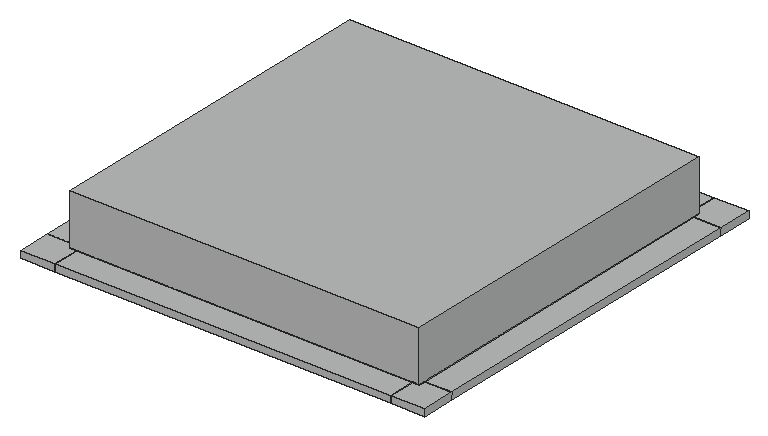
Revit family "ALUMOGIPS", category Осветительные приборы, Revit 2019 (continued)
Types (72, lengths in mm): name | Файл фотометрической сетки | built-in parameter 1150105 | Lumens | built-in parameter 1150106 | built-in parameter 1150142 | Wattage | Emit from Rectangle Width | Emit from Rectangle Length | Длина | Материал светильника | Ширина | ADSK_Ток | ADSK_Полная мощность | ADSK_Обозначение | ADSK_Номинальная мощность | ADSK_Наименование | ADSK_Масса | ADSK_Код изделия
  Alumogips-38/opal-sand 610х610 (IP54, 4000К, белый, грильято) c БАП на 3 часа | "Светильник ALUMOGIPS-38 OPAL-SAND-(610x610).IES" | 302.39 (stored number, unit not read) | 3800 lm | 3.0239 (stored number, unit not read) | "IESNA:LM-63-95\r\n[TEST] Протокол № 50-12 \r\n[DATA] 20.06.2016\r\n[MORE] \r\n[MANUFAC] ЗАО \"Центрстройсвет\"\r\n[LUMCAT]  Светильник ALUMOGIPS-38/OPAL-SAND-(610x610)\r\n[LUMINAIRE]\r\n[LAMPCAT] Светодиоды\r\n[LAMP] Поток источника света (светодиодов) не известен\r\n[MORE] КСС приведена в абсолютных величинах кд\r\n[MORE] Вместо потока лампы, указан поток светильника.\r\nTILT=NONE\r\n1    3750 1.0 37 73 1 2 0.61 0.61 0.04\r\n1.0 1.0 38.7\r\n0.0 5.0 10.0 15.0 20.0 25.0 30.0 35.0 40.0 45.0 50.0 55.0 60.0 65.0 70.0 75.0 80.0 85.0 90.0 95.0 100.0 105.0 110.0 115.0 120.0 125.0 130.0 135.0 140.0 145.0 150.0 155.0 160.0 165.0 170.0 175.0 180.0\r\n0.0 5.0 10.0 15.0 20.0 25.0 30.0 35.0 40.0 45.0 50.0 55.0 60.0 65.0 70.0 75.0 80.0 85.0 90.0 95.0 100.0 105.0 110.0 115.0 120.0 125.0 130.0 135.0 140.0 145.0 150.0 155.0 160.0 165.0 170.0 175.0 180.0 185.0 190.0 195.0 200.0 205.0 210.0 215.0 220.0 225.0 230.0 235.0 240.0 245.0 250.0 255.0 260.0 265.0 270.0 275.0 280.0 285.0 290.0 295.0 300.0 305.0 310.0 315.0 320.0 325.0 330.0 335.0 340.0 345.0 350.0 355.0 360.0\r\n1391.4 1390.6 1365.7 1330.6 1277.5 1214.9 1147.5 1059.6 967.6 873.2 772.4 664.9 556.3 449.1 342.7 240.6 147.1 64.2 4.7 0.0 0.0 0.0 0.0 0.0 0.0 0.0 0.0 0.0 0.0 0.0 0.0 0.0 0.0 0.0 0.0 0.0 0.0\r\n1391.4 1390.5 1367.8 1332.7 1284.3 1221.3 1147.0 1062.1 969.2 872.4 773.2 666.3 557.1 450.1 343.8 241.9 146.9 64.7 5.2 0.0 0.0 0.0 0.0 0.0 0.0 0.0 0.0 0.0 0.0 0.0 0.0 0.0 0.0 0.0 0.0 0.0 0.0\r\n1391.4 1390.2 1372.0 1333.3 1277.3 1216.8 1144.5 1057.4 969.6 875.1 773.8 669.5 560.0 454.6 345.8 242.4 148.5 65.8 5.4 0.0 0.0 0.0 0.0 0.0 0.0 0.0 0.0 0.0 0.0 0.0 0.0 0.0 0.0 0.0 0.0 0.0 0.0\r\n1391.4 1389.8 1371.2 1330.7 1279.5 1220.5 1148.3 1059.9 967.7 873.2 767.5 666.8 561.4 453.0 347.1 243.7 149.9 65.6 5.8 0.0 0.0 0.0 0.0 0.0 0.0 0.0 0.0 0.0 0.0 0.0 0.0 0.0 0.0 0.0 0.0 0.0 0.0\r\n1391.4 1389.8 1368.3 1329.3 1285.0 1214.6 1141.1 1058.7 971.8 871.3 775.2 666.9 559.4 452.6 345.8 242.5 150.0 65.8 6.1 0.0 0.0 0.0 0.0 0.0 0.0 0.0 0.0 0.0 0.0 0.0 0.0 0.0 0.0 0.0 0.0 0.0 0.0\r\n1391.4 1390.5 1367.3 1332.3 1281.7 1219.0 1142.8 1064.6 970.5 874.4 772.1 667.5 560.2 453.0 346.2 241.8 149.4 65.7 5.6 0.0 0.0 0.0 0.0 0.0 0.0 0.0 0.0 0.0 0.0 0.0 0.0 0.0 0.0 0.0 0.0 0.0 0.0\r\n1391.4 1391.4 1368.1 1333.5 1277.3 1215.7 1139.0 1059.6 968.1 872.4 771.6 667.4 558.8 453.3 344.3 243.9 148.4 65.7 5.4 0.0 0.0 0.0 0.0 0.0 0.0 0.0 0.0 0.0 0.0 0.0 0.0 0.0 0.0 0.0 0.0 0.0 0.0\r\n1391.4 1391.7 1368.1 1330.4 1278.2 1213.9 1142.4 1061.6 967.4 875.1 772.0 669.3 561.1 452.5 345.2 242.1 148.3 65.4 5.5 0.0 0.0 0.0 0.0 0.0 0.0 0.0 0.0 0.0 0.0 0.0 0.0 0.0 0.0 0.0 0.0 0.0 0.0\r\n1391.4 1391.5 1371.0 1328.4 1278.5 1216.7 1142.1 1061.2 971.8 874.7 772.1 668.9 560.8 452.9 345.4 243.3 147.7 66.0 5.4 0.0 0.0 0.0 0.0 0.0 0.0 0.0 0.0 0.0 0.0 0.0 0.0 0.0 0.0 0.0 0.0 0.0 0.0\r\n1391.4 1391.5 1373.2 1330.5 1277.3 1215.5 1143.2 1063.6 967.0 872.7 772.2 669.4 558.9 453.2 346.6 241.9 148.1 65.2 5.5 0.0 0.0 0.0 0.0 0.0 0.0 0.0 0.0 0.0 0.0 0.0 0.0 0.0 0.0 0.0 0.0 0.0 0.0\r\n1391.4 1391.4 1369.7 1328.3 1281.3 1216.0 1139.8 1057.9 968.7 875.3 773.9 667.6 561.8 454.0 344.0 243.1 147.2 65.6 5.5 0.0 0.0 0.0 0.0 0.0 0.0 0.0 0.0 0.0 0.0 0.0 0.0 0.0 0.0 0.0 0.0 0.0 0.0\r\n1391.4 1390.5 1367.9 1330.1 1278.1 1218.1 1138.9 1061.0 970.0 871.8 770.4 669.3 560.2 453.4 346.9 242.1 148.3 65.2 5.2 0.0 0.0 0.0 0.0 0.0 0.0 0.0 0.0 0.0 0.0 0.0 0.0 0.0 0.0 0.0 0.0 0.0 0.0\r\n1391.4 1389.3 1368.2 1329.1 1280.8 1214.4 1142.5 1059.2 967.2 874.3 772.4 668.0 563.1 452.3 345.7 242.8 146.8 64.9 5.1 0.0 0.0 0.0 0.0 0.0 0.0 0.0 0.0 0.0 0.0 0.0 0.0 0.0 0.0 0.0 0.0 0.0 0.0\r\n1391.4 1388.6 1367.4 1327.8 1278.0 1215.7 1141.0 1061.0 971.5 877.3 771.2 667.3 561.5 453.0 346.4 242.4 146.3 64.8 5.2 0.0 0.0 0.0 0.0 0.0 0.0 0.0 0.0 0.0 0.0 0.0 0.0 0.0 0.0 0.0 0.0 0.0 0.0\r\n1391.4 1388.0 1367.6 1326.7 1278.3 1218.0 1140.9 1061.5 968.4 873.4 770.1 666.6 562.1 454.6 344.8 241.8 146.4 64.0 5.5 0.0 0.0 0.0 0.0 0.0 0.0 0.0 0.0 0.0 0.0 0.0 0.0 0.0 0.0 0.0 0.0 0.0 0.0\r\n1391.4 1387.2 1366.1 1331.0 1281.4 1216.3 1142.7 1059.1 969.4 871.5 772.2 667.3 560.5 453.0 344.4 242.2 146.4 63.8 5.6 0.0 0.0 0.0 0.0 0.0 0.0 0.0 0.0 0.0 0.0 0.0 0.0 0.0 0.0 0.0 0.0 0.0 0.0\r\n1391.4 1387.1 1366.3 1328.7 1276.9 1214.5 1141.2 1059.3 968.4 874.3 775.5 668.3 562.5 454.9 346.4 241.3 146.2 63.5 5.7 0.0 0.0 0.0 0.0 0.0 0.0 0.0 0.0 0.0 0.0 0.0 0.0 0.0 0.0 0.0 0.0 0.0 0.0\r\n1391.4 1388.4 1366.0 1329.7 1279.2 1217.9 1140.0 1060.5 969.0 873.9 772.0 671.3 560.4 453.2 343.7 241.7 145.8 63.7 5.4 0.0 0.0 0.0 0.0 0.0 0.0 0.0 0.0 0.0 0.0 0.0 0.0 0.0 0.0 0.0 0.0 0.0 0.0\r\n1391.4 1389.6 1367.7 1329.3 1277.2 1211.1 1140.1 1061.0 971.0 871.2 769.2 669.1 561.5 453.1 343.3 241.9 145.8 63.4 5.2 0.0 0.0 0.0 0.0 0.0 0.0 0.0 0.0 0.0 0.0 0.0 0.0 0.0 0.0 0.0 0.0 0.0 0.0\r\n1391.4 1388.8 1366.9 1327.1 1279.4 1214.2 1142.5 1056.4 970.7 870.3 771.0 665.1 560.4 453.3 343.8 241.1 145.7 63.4 5.2 0.0 0.0 0.0 0.0 0.0 0.0 0.0 0.0 0.0 0.0 0.0 0.0 0.0 0.0 0.0 0.0 0.0 0.0\r\n1391.4 1387.2 1365.8 1328.9 1276.6 1210.2 1141.4 1059.3 966.6 871.4 770.5 667.4 559.2 451.4 344.2 241.0 145.6 63.2 5.1 0.0 0.0 0.0 0.0 0.0 0.0 0.0 0.0 0.0 0.0 0.0 0.0 0.0 0.0 0.0 0.0 0.0 0.0\r\n1391.4 1386.8 1364.4 1329.8 1279.4 1213.7 1144.0 1059.0 965.3 873.7 768.8 668.9 559.4 449.5 342.6 241.5 144.6 63.4 5.0 0.0 0.0 0.0 0.0 0.0 0.0 0.0 0.0 0.0 0.0 0.0 0.0 0.0 0.0 0.0 0.0 0.0 0.0\r\n1391.4 1388.1 1365.8 1328.1 1273.8 1213.4 1137.9 1059.2 967.3 869.2 769.3 667.7 558.4 451.4 344.0 240.6 145.7 63.4 4.9 0.0 0.0 0.0 0.0 0.0 0.0 0.0 0.0 0.0 0.0 0.0 0.0 0.0 0.0 0.0 0.0 0.0 0.0\r\n1391.4 1389.2 1364.4 1323.2 1276.3 1213.8 1137.6 1055.3 963.1 871.0 767.7 664.1 559.7 447.1 342.4 240.1 145.2 63.9 5.1 0.0 0.0 0.0 0.0 0.0 0.0 0.0 0.0 0.0 0.0 0.0 0.0 0.0 0.0 0.0 0.0 0.0 0.0\r\n1391.4 1388.4 1362.3 1326.8 1274.4 1212.2 1137.9 1054.7 966.7 867.9 768.7 663.4 557.3 449.2 343.3 240.0 145.7 63.6 5.0 0.0 0.0 0.0 0.0 0.0 0.0 0.0 0.0 0.0 0.0 0.0 0.0 0.0 0.0 0.0 0.0 0.0 0.0\r\n1391.4 1386.2 1361.8 1326.5 1273.3 1211.2 1134.5 1048.6 964.3 866.3 767.8 662.9 556.7 449.5 341.9 239.8 145.7 63.7 5.0 0.0 0.0 0.0 0.0 0.0 0.0 0.0 0.0 0.0 0.0 0.0 0.0 0.0 0.0 0.0 0.0 0.0 0.0\r\n1391.4 1384.4 1363.5 1324.4 1272.0 1209.5 1137.2 1053.0 960.2 867.5 767.9 662.7 556.7 449.2 342.5 239.1 146.2 63.8 4.8 0.0 0.0 0.0 0.0 0.0 0.0 0.0 0.0 0.0 0.0 0.0 0.0 0.0 0.0 0.0 0.0 0.0 0.0\r\n1391.4 1383.7 1362.4 1324.4 1274.0 1209.5 1134.4 1050.1 965.4 864.9 764.6 662.3 556.6 447.9 340.5 240.3 145.5 64.6 4.6 0.0 0.0 0.0 0.0 0.0 0.0 0.0 0.0 0.0 0.0 0.0 0.0 0.0 0.0 0.0 0.0 0.0 0.0\r\n1391.4 1384.4 1361.9 1326.9 1270.2 1207.3 1132.7 1050.1 959.7 867.7 763.1 662.2 555.0 447.3 343.0 238.3 145.8 63.9 4.7 0.0 0.0 0.0 0.0 0.0 0.0 0.0 0.0 0.0 0.0 0.0 0.0 0.0 0.0 0.0 0.0 0.0 0.0\r\n1391.4 1385.1 1363.0 1320.0 1270.4 1207.9 1134.4 1055.0 963.5 867.3 766.7 660.7 555.9 450.1 342.6 240.2 145.9 64.3 4.9 0.0 0.0 0.0 0.0 0.0 0.0 0.0 0.0 0.0 0.0 0.0 0.0 0.0 0.0 0.0 0.0 0.0 0.0\r\n1391.4 1384.9 1362.3 1321.4 1273.1 1208.0 1135.4 1052.3 961.9 865.0 764.0 660.8 553.5 447.6 341.2 240.3 146.1 63.8 4.8 0.0 0.0 0.0 0.0 0.0 0.0 0.0 0.0 0.0 0.0 0.0 0.0 0.0 0.0 0.0 0.0 0.0 0.0\r\n1391.4 1383.8 1361.2 1322.1 1265.1 1211.5 1132.8 1049.3 961.3 863.4 764.0 661.0 550.7 447.9 341.0 240.1 146.2 63.8 4.6 0.0 0.0 0.0 0.0 0.0 0.0 0.0 0.0 0.0 0.0 0.0 0.0 0.0 0.0 0.0 0.0 0.0 0.0\r\n1391.4 1382.8 1359.3 1321.5 1269.3 1206.8 1132.8 1051.1 958.3 863.2 763.1 662.7 553.4 448.0 340.4 240.0 145.8 63.8 4.0 0.0 0.0 0.0 0.0 0.0 0.0 0.0 0.0 0.0 0.0 0.0 0.0 0.0 0.0 0.0 0.0 0.0 0.0\r\n1391.4 1382.6 1359.0 1319.6 1268.1 1204.3 1129.8 1049.0 957.7 861.8 761.7 658.4 554.2 446.1 340.4 239.0 145.6 63.8 3.8 0.0 0.0 0.0 0.0 0.0 0.0 0.0 0.0 0.0 0.0 0.0 0.0 0.0 0.0 0.0 0.0 0.0 0.0\r\n1391.4 1382.8 1358.5 1315.8 1266.5 1202.1 1128.5 1049.2 957.6 860.0 762.1 658.2 549.9 443.8 339.6 238.4 145.7 63.6 3.7 0.0 0.0 0.0 0.0 0.0 0.0 0.0 0.0 0.0 0.0 0.0 0.0 0.0 0.0 0.0 0.0 0.0 0.0\r\n1391.4 1382.2 1360.5 1319.2 1265.9 1204.5 1129.9 1046.9 955.0 862.9 758.9 657.9 552.5 444.9 338.9 238.8 145.3 63.6 3.3 0.0 0.0 0.0 0.0 0.0 0.0 0.0 0.0 0.0 0.0 0.0 0.0 0.0 0.0 0.0 0.0 0.0 0.0\r\n1391.4 1381.1 1361.2 1321.0 1268.1 1203.8 1128.8 1047.4 955.6 863.7 761.1 656.4 551.5 445.2 339.2 238.5 144.7 62.5 3.5 0.0 0.0 0.0 0.0 0.0 0.0 0.0 0.0 0.0 0.0 0.0 0.0 0.0 0.0 0.0 0.0 0.0 0.0\r\n1391.4 1380.6 1359.0 1316.4 1268.5 1204.0 1126.1 1049.5 956.2 859.6 759.7 656.5 549.2 444.3 338.4 236.1 143.8 61.6 3.2 0.0 0.0 0.0 0.0 0.0 0.0 0.0 0.0 0.0 0.0 0.0 0.0 0.0 0.0 0.0 0.0 0.0 0.0\r\n1391.4 1380.7 1356.6 1316.0 1267.0 1205.6 1130.3 1044.8 956.9 856.7 759.3 653.5 548.1 441.9 335.3 235.4 141.4 60.3 2.9 0.0 0.0 0.0 0.0 0.0 0.0 0.0 0.0 0.0 0.0 0.0 0.0 0.0 0.0 0.0 0.0 0.0 0.0\r\n1391.4 1380.4 1354.4 1317.9 1268.8 1199.0 1129.0 1044.0 956.9 860.6 758.3 656.9 549.1 442.0 334.4 236.1 141.7 60.5 2.6 0.0 0.0 0.0 0.0 0.0 0.0 0.0 0.0 0.0 0.0 0.0 0.0 0.0 0.0 0.0 0.0 0.0 0.0\r\n1391.4 1380.1 1356.7 1322.1 1264.6 1201.7 1129.9 1047.4 957.2 859.7 758.2 656.1 549.4 442.8 335.3 235.8 141.3 60.6 2.3 0.0 0.0 0.0 0.0 0.0 0.0 0.0 0.0 0.0 0.0 0.0 0.0 0.0 0.0 0.0 0.0 0.0 0.0\r\n1391.4 1379.9 1357.3 1317.5 1265.9 1207.8 1129.2 1046.5 955.7 860.2 758.6 656.9 550.7 441.9 335.4 233.9 140.6 60.2 2.4 0.0 0.0 0.0 0.0 0.0 0.0 0.0 0.0 0.0 0.0 0.0 0.0 0.0 0.0 0.0 0.0 0.0 0.0\r\n1391.4 1379.2 1355.5 1314.6 1269.3 1203.7 1133.5 1044.8 957.2 857.9 762.0 656.6 548.7 440.4 335.9 234.5 140.4 59.8 2.8 0.0 0.0 0.0 0.0 0.0 0.0 0.0 0.0 0.0 0.0 0.0 0.0 0.0 0.0 0.0 0.0 0.0 0.0\r\n1391.4 1377.9 1357.1 1319.2 1271.9 1204.4 1128.6 1050.2 953.1 856.9 757.6 653.7 548.9 439.9 335.4 232.4 140.5 59.2 3.0 0.0 0.0 0.0 0.0 0.0 0.0 0.0 0.0 0.0 0.0 0.0 0.0 0.0 0.0 0.0 0.0 0.0 0.0\r\n1391.4 1377.2 1356.3 1322.9 1266.0 1204.8 1132.2 1049.0 958.1 859.3 759.0 654.6 547.0 441.6 334.9 232.1 139.3 58.8 2.9 0.0 0.0 0.0 0.0 0.0 0.0 0.0 0.0 0.0 0.0 0.0 0.0 0.0 0.0 0.0 0.0 0.0 0.0\r\n1391.4 1377.8 1353.8 1319.7 1269.6 1207.9 1135.8 1049.5 955.8 858.0 762.4 655.9 548.2 441.6 335.6 231.7 139.4 58.8 2.8 0.0 0.0 0.0 0.0 0.0 0.0 0.0 0.0 0.0 0.0 0.0 0.0 0.0 0.0 0.0 0.0 0.0 0.0\r\n1391.4 1378.5 1355.2 1319.8 1267.3 1206.5 1131.2 1046.1 954.6 861.2 756.6 653.8 548.1 440.3 335.0 232.6 138.6 59.0 2.9 0.0 0.0 0.0 0.0 0.0 0.0 0.0 0.0 0.0 0.0 0.0 0.0 0.0 0.0 0.0 0.0 0.0 0.0\r\n1391.4 1378.6 1355.1 1318.3 1269.7 1200.8 1133.1 1049.0 957.6 862.5 762.4 656.9 549.3 443.5 334.7 231.2 138.8 58.1 3.0 0.0 0.0 0.0 0.0 0.0 0.0 0.0 0.0 0.0 0.0 0.0 0.0 0.0 0.0 0.0 0.0 0.0 0.0\r\n1391.4 1378.8 1355.8 1321.7 1268.8 1210.0 1129.0 1048.5 958.8 862.4 762.2 656.4 549.0 441.1 335.4 231.5 138.5 58.1 3.0 0.0 0.0 0.0 0.0 0.0 0.0 0.0 0.0 0.0 0.0 0.0 0.0 0.0 0.0 0.0 0.0 0.0 0.0\r\n1391.4 1379.6 1357.6 1321.7 1269.0 1207.1 1133.9 1047.0 964.1 863.3 761.9 656.4 551.5 440.7 334.9 232.2 137.6 58.1 2.8 0.0 0.0 0.0 0.0 0.0 0.0 0.0 0.0 0.0 0.0 0.0 0.0 0.0 0.0 0.0 0.0 0.0 0.0\r\n1391.4 1380.6 1357.7 1319.2 1272.0 1207.5 1131.3 1054.6 959.0 863.3 764.8 655.9 549.1 443.0 335.1 231.3 138.0 58.1 2.7 0.0 0.0 0.0 0.0 0.0 0.0 0.0 0.0 0.0 0.0 0.0 0.0 0.0 0.0 0.0 0.0 0.0 0.0\r\n1391.4 1381.5 1358.5 1321.9 1271.0 1204.1 1135.9 1055.8 962.5 865.5 761.1 656.9 550.6 442.0 335.3 231.9 137.4 57.9 2.6 0.0 0.0 0.0 0.0 0.0 0.0 0.0 0.0 0.0 0.0 0.0 0.0 0.0 0.0 0.0 0.0 0.0 0.0\r\n1391.4 1381.3 1358.5 1322.3 1270.8 1207.2 1133.7 1051.9 958.0 867.3 767.5 657.0 552.1 442.3 333.6 231.2 137.9 57.8 2.6 0.0 0.0 0.0 0.0 0.0 0.0 0.0 0.0 0.0 0.0 0.0 0.0 0.0 0.0 0.0 0.0 0.0 0.0\r\n1391.4 1380.6 1359.4 1319.7 1270.6 1209.0 1133.0 1052.1 963.9 867.5 764.1 660.0 554.0 443.3 334.8 231.7 137.6 57.8 2.7 0.0 0.0 0.0 0.0 0.0 0.0 0.0 0.0 0.0 0.0 0.0 0.0 0.0 0.0 0.0 0.0 0.0 0.0\r\n1391.4 1381.3 1359.9 1321.3 1270.6 1204.8 1135.0 1051.3 962.1 865.5 761.7 660.3 553.1 443.5 334.1 231.9 137.9 57.8 2.8 0.0 0.0 0.0 0.0 0.0 0.0 0.0 0.0 0.0 0.0 0.0 0.0 0.0 0.0 0.0 0.0 0.0 0.0\r\n1391.4 1383.1 1362.1 1324.8 1273.8 1208.7 1134.8 1055.9 961.8 866.4 762.3 659.7 552.4 443.7 334.4 232.8 138.0 58.0 2.8 0.0 0.0 0.0 0.0 0.0 0.0 0.0 0.0 0.0 0.0 0.0 0.0 0.0 0.0 0.0 0.0 0.0 0.0\r\n1391.4 1384.6 1360.4 1321.7 1272.0 1210.6 1130.9 1052.5 963.1 866.7 767.4 659.3 553.7 444.6 335.4 233.1 138.3 58.0 2.8 0.0 0.0 0.0 0.0 0.0 0.0 0.0 0.0 0.0 0.0 0.0 0.0 0.0 0.0 0.0 0.0 0.0 0.0\r\n1391.4 1385.6 1357.5 1324.7 1273.9 1211.6 1134.3 1052.7 963.6 865.4 763.1 658.7 552.2 444.9 336.9 232.8 138.8 58.6 2.9 0.0 0.0 0.0 0.0 0.0 0.0 0.0 0.0 0.0 0.0 0.0 0.0 0.0 0.0 0.0 0.0 0.0 0.0\r\n1391.4 1386.4 1357.8 1323.4 1273.2 1212.2 1136.3 1054.7 967.5 867.5 764.0 659.4 553.3 443.7 336.8 233.2 138.9 58.5 3.1 0.0 0.0 0.0 0.0 0.0 0.0 0.0 0.0 0.0 0.0 0.0 0.0 0.0 0.0 0.0 0.0 0.0 0.0\r\n1391.4 1386.6 1362.0 1324.9 1273.2 1211.3 1139.0 1049.9 960.3 866.4 768.0 661.3 552.2 443.4 336.3 233.4 139.8 58.9 3.1 0.0 0.0 0.0 0.0 0.0 0.0 0.0 0.0 0.0 0.0 0.0 0.0 0.0 0.0 0.0 0.0 0.0 0.0\r\n1391.4 1386.0 1360.5 1326.0 1271.8 1212.0 1137.2 1059.3 963.5 867.6 766.9 661.2 552.3 445.8 337.8 233.6 141.0 59.2 3.3 0.0 0.0 0.0 0.0 0.0 0.0 0.0 0.0 0.0 0.0 0.0 0.0 0.0 0.0 0.0 0.0 0.0 0.0\r\n1391.4 1385.0 1362.3 1325.1 1272.0 1207.1 1138.5 1053.6 964.5 865.8 766.5 661.6 554.3 445.9 337.0 234.5 140.4 60.2 3.5 0.0 0.0 0.0 0.0 0.0 0.0 0.0 0.0 0.0 0.0 0.0 0.0 0.0 0.0 0.0 0.0 0.0 0.0\r\n1391.4 1384.4 1361.8 1323.6 1274.0 1214.8 1138.9 1053.9 968.0 867.9 769.0 663.8 555.6 446.7 339.6 235.0 141.3 60.4 3.4 0.0 0.0 0.0 0.0 0.0 0.0 0.0 0.0 0.0 0.0 0.0 0.0 0.0 0.0 0.0 0.0 0.0 0.0\r\n1391.4 1385.0 1360.9 1322.2 1272.4 1209.8 1137.2 1055.7 962.7 869.7 769.6 658.2 556.6 447.4 338.5 236.2 142.5 60.7 3.4 0.0 0.0 0.0 0.0 0.0 0.0 0.0 0.0 0.0 0.0 0.0 0.0 0.0 0.0 0.0 0.0 0.0 0.0\r\n1391.4 1386.6 1363.1 1323.6 1272.5 1211.5 1139.2 1058.4 969.9 868.0 768.8 664.6 556.3 445.8 342.1 236.1 142.3 61.2 3.5 0.0 0.0 0.0 0.0 0.0 0.0 0.0 0.0 0.0 0.0 0.0 0.0 0.0 0.0 0.0 0.0 0.0 0.0\r\n1391.4 1388.6 1360.9 1330.2 1273.7 1213.2 1138.7 1058.3 966.2 867.0 766.8 663.4 553.3 447.1 339.2 238.7 143.0 61.4 3.8 0.0 0.0 0.0 0.0 0.0 0.0 0.0 0.0 0.0 0.0 0.0 0.0 0.0 0.0 0.0 0.0 0.0 0.0\r\n1391.4 1389.8 1360.8 1328.4 1276.8 1216.0 1140.1 1055.8 963.1 870.3 768.4 663.1 554.0 449.1 340.1 237.3 144.8 61.7 3.8 0.0 0.0 0.0 0.0 0.0 0.0 0.0 0.0 0.0 0.0 0.0 0.0 0.0 0.0 0.0 0.0 0.0 0.0\r\n1391.4 1389.3 1362.5 1325.9 1278.0 1210.4 1138.2 1054.7 967.8 872.7 770.2 661.9 556.5 446.9 341.3 237.7 144.4 62.5 3.9 0.0 0.0 0.0 0.0 0.0 0.0 0.0 0.0 0.0 0.0 0.0 0.0 0.0 0.0 0.0 0.0 0.0 0.0\r\n1391.4 1387.8 1365.8 1326.6 1274.3 1213.2 1141.4 1053.1 966.2 871.2 768.4 663.7 555.0 447.1 341.3 238.2 144.3 62.7 4.1 0.0 0.0 0.0 0.0 0.0 0.0 0.0 0.0 0.0 0.0 0.0 0.0 0.0 0.0 0.0 0.0 0.0 0.0\r\n1391.4 1387.2 1364.2 1328.3 1274.8 1209.4 1145.0 1060.0 963.9 867.5 766.5 663.4 556.7 448.2 340.9 240.3 144.7 63.3 4.0 0.0 0.0 0.0 0.0 0.0 0.0 0.0 0.0 0.0 0.0 0.0 0.0 0.0 0.0 0.0 0.0 0.0 0.0\r\n1391.4 1388.4 1364.9 1332.6 1279.0 1215.6 1140.9 1056.3 969.3 867.1 770.0 663.8 559.0 449.0 342.4 240.3 145.7 63.3 4.7 0.0 0.0 0.0 0.0 0.0 0.0 0.0 0.0 0.0 0.0 0.0 0.0 0.0 0.0 0.0 0.0 0.0 0.0\r\n1391.4 1390.0 1364.5 1329.3 1281.4 1217.7 1141.3 1063.3 970.3 871.1 768.8 663.5 555.2 449.3 342.4 239.8 146.6 63.3 4.9 0.0 0.0 0.0 0.0 0.0 0.0 0.0 0.0 0.0 0.0 0.0 0.0 0.0 0.0 0.0 0.0 0.0 0.0\r\n1391.4 1390.6 1365.7 1330.6 1277.5 1214.9 1147.5 1059.6 967.6 873.2 772.4 664.9 556.3 449.1 342.7 240.6 147.1 64.2 4.7 0.0 0.0 0.0 0.0 0.0 0.0 0.0 0.0 0.0 0.0 0.0 0.0 0.0 0.0 0.0 0.0 0.0 0.0\r\n" | 25.582 W | 590 | 590 | 610 | RAL 9001 | 610 | 0.179584 A | 41.3043 VA | "Alumogips-38/opal-sand 610х610 (IP54, 4000К, белый, грильято)" | 38 W | "Встраиваемый светодиодный светильник Alumogips-38/opal-sand 610х610 (IP54, 4000К, белый, грильято) c
     БАП на 3 часа" | 2.4 | "ЦБ000007823"
